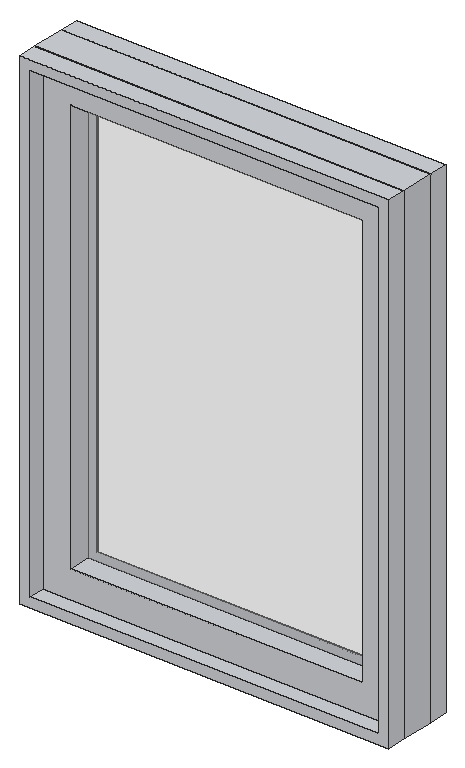
Revit family "G261_Casement_Inswing_Window-Peerless", category Windows, host Wall, Revit 2019
Family settings
  Host = Wall
  OmniClass Number = 23.30.20.00
  OmniClass Title = Windows
  Always vertical = Yes
  Cut with Voids When Loaded = No
  Shared = No
  Room Calculation Point = No
Parameters (values of type "G261 Casement Inswing 36" x 48"")
  Weight (lbs) = (((Height / 1") / 12) + ((Width / 1") / 12)) * 7  # 49
  Warranty URL = "https://smartbim-library-production.s3.amazonaws.com/manufacturers/cdf3d296-4637-4822-8528-4df1e33802a8/products/91469a85-94f5-45f9-a60f-24c51597249b/downloads/7dff4158-d18c-4702-a036-b93493c65adf/Sample%20Warranty.pdf"
  URL = "https://www.peerlessproducts.com/"
  Rough Width = Width + 0.25"  # 36.25"
  Rough Height = Height + 0.25"  # 48.25"
  Product Page URL = "https://peerlessproducts.concora.com/products/88f9e2ed-de46-4249-8f13-bb20ba0dab6d"
  Product Data Sheet URL = "https://www.peerlessproducts.com/Portals/0/PeerlessAssets/pdf/G251-G261Casement.pdf"
  Model = "G261"  # constant formula
  Manufacturer Phone = "620-223-4610"  # constant formula
  Manufacturer Fax = "620-224-3107"  # constant formula
  Manufacturer Email = "slero@peerlessproducts.com"
  Manufacturer Address = "2403 S Main St, Fort Scott, KS 66701"  # constant formula
  Manufacturer = "Peerless Products, Inc"  # constant formula
  Height = 48"
  Frame Finish [instance] = none
  Description = "G261 is a compression sealed casement inswing window used in mid-high rise buildings all over the nation to meet performance requirements."  # constant formula
  Default Sill Height = 36"
  Wall Closure = By host
  Width = 36"
  Analytic Construction = "<None>"
  04 CSI = "08 50 00"  # constant formula
Reference planes (in)
  plane 1 "Center (Front/Back)": y = 0
  plane 2: z = 0
  plane 3 "Center (Left/Right)": x = 0
  plane 4 "Left": x = -18
  plane 5 "Right": x = 18
  plane 6 "Sill": z = 36
  plane 7 "Top": z = 84
Forms (in)
  Sweep 1, solid, material <- "Frame Finish"
    path origin (0, 0, 0) x (1, 0, 0) y (0, 0, 1)
      loop
        line (-18, 84) -> (-18, 36) -> (18, 36) -> (18, 84) -> (-18, 84)
    profile origin (0, 0, 84) x (0, 0, 1) y (0, -1, 0)
      loop
        line (0, -1.66435) -> (0, 1.66435) -> (-0.94478, 1.66435) -> (-0.94478, 1.93993) -> (-3.72603, 1.93993) -> (-3.72603, -0.1551) -> (-2.76917, -0.1551) -> (-2.76917, -1.1551) -> (-3.83257, -1.1551) -> (-3.83257, -1.18592)
        arc (-3.83257, -1.18592) -> (-3.79006, -1.21393) -> (-3.7601, -1.2551) r 0.14255
        line (-3.7601, -1.2551) -> (-3.72611, -1.2551) -> (-3.72611, -1.3801) -> (-2.76917, -1.3801) -> (-2.76917, -1.66435) -> (0, -1.66435)
  Extrusion 2, solid, material "Glass - Cardinal Glass - Peerless Products"
    sketch origin (0, 0, 0) x (1, 0, 0) y (0, 0, 1)
      loop
        line (-15.23083, 81.23083) -> (-15.23083, 38.76917) -> (15.23083, 38.76917) -> (15.23083, 81.23083) -> (-15.23083, 81.23083)
    from -1.1551 to -0.1551
  Sweep 3, solid, material <- "Frame Finish"
    path origin (-17.05522, -1.66435, 83.05522) x (1, 0, 0) y (0, 0, 1)
      loop
        line (35.05522, 0.94478) -> (-0.94478, 0.94478) -> (-0.94478, -47.05522) -> (35.05522, -47.05522) -> (35.05522, 0.94478)
    profile origin (0, -1.66435, 84) x (0, 0, -1) y (0, -1, 0)
      loop
        line (0, 0) -> (0.94478, 0) -> (0.94478, 1.83565) -> (0, 1.83565) -> (0, 0)
  Sweep 4, solid, material <- "Frame Finish"
    path origin (-18, 1.66435, 84) x (1, 0, 0) y (0, 0, -1)
      loop
        line (36, 48) -> (0, 48) -> (0, 0) -> (36, 0) -> (36, 48)
    profile origin (0, 1.66435, 36) x (0, 0, 1) y (0, 1, 0)
      loop
        line (0, 0) -> (0.40208, 0) -> (0.27372, 1.83565) -> (0, 1.83565) -> (0, 0)
Lines and regions (in)
  Opening 1
    outline origin (-60, -3.5, 0) x (1, 0, 0) y (0, 0, 1)
      loop
        line (42, 84) -> (42, 36) -> (78, 36) -> (78, 84) -> (42, 84)
  model lines
    curve 1: line (18, 1.66435, 36) -> (-18, 1.66435, 36)
    curve 2: line (-18, 1.66435, 36) -> (-18, 1.66435, 84)
    curve 3: line (18, 1.66435, 84) -> (18, 1.66435, 36)
    curve 4: line (-18, 1.66435, 84) -> (18, 1.66435, 84)
Text (in)
  text "EXTERIOR" at (-58.6888, 50.90694, 0), in view "Ref. Level"
  text "INTERIOR" at (-58.6888, -37.76638, 0), in view "Ref. Level"
  text "Exterior" at (0, 43.65631, 123.19604), in view "Left"
  text "Exterior" at (0, 18.29385, 125.04747), in view "Right"
Dimensions and locks (in)
  equal spacing: plane 4 "Left", plane 3 "Center (Left/Right)", plane 5 "Right"
  "Width": plane 4 "Left" to plane 5 "Right"
  "Height": plane 6 "Sill" to plane 7 "Top"
  "Default Sill Height": plane 2 to plane 6 "Sill"
  aligned and locked: plane 7 "Top" to Opening 1 sketch curve
  aligned and locked: plane 6 "Sill" to Opening 1 sketch curve  (x2)
  aligned and locked: plane 5 "Right" to Opening 1 sketch curve
  aligned and locked: plane 4 "Left" to Opening 1 sketch curve
  aligned and locked: level to plane 2
  aligned and locked: Extrusion 2 to Sweep 1  (x2)
  aligned and locked: import instance to plane 7 "Top"
  aligned and locked: host wall to Sweep 3 sketch curve
  aligned and locked: Sweep 3 sketch curve to Sweep 1
  aligned and locked: Sweep 4 sketch curve to host wall
Automatic sketch dimensions
  plane 5 "Right" to Sweep 1 sketch curve = 0"
  Sweep 1 sketch curve to plane 6 "Sill" = 0"
  Sweep 1 sketch curve to plane 7 "Top" = 0"
  plane 4 "Left" to Sweep 1 sketch curve = 0"
  profile plane to Sweep 1 sketch curve = 0"
  profile plane to Sweep 1 sketch curve = 0.94478"
  profile plane to Sweep 1 sketch curve = 2.76917"
  Sweep 1 sketch curve to Sweep 1 sketch curve = 0.95693"
  Sweep 1 sketch curve to Sweep 1 sketch curve = 0.03399"
  Sweep 1 sketch curve to Sweep 1 sketch curve = 0.28425"
  Sweep 1 sketch curve to Sweep 1 sketch curve = 0.06306"
  Sweep 1 sketch curve to Sweep 1 sketch curve = 0.125"
  Sweep 1 sketch curve to plane 1 "Center (Front/Back)" = 0.1551"
  plane 1 "Center (Front/Back)" to Sweep 1 sketch curve = 1.66435"
  plane 1 "Center (Front/Back)" to Sweep 1 sketch curve = 1.93993"
  Sweep 1 sketch curve to Sweep 1 sketch curve = 0.95686"
  Sweep 1 sketch curve to Sweep 1 sketch curve = 0.05591"
  Sweep 1 sketch curve to Sweep 1 sketch curve = 0.07248"
  Sweep 1 sketch curve to Sweep 1 sketch curve = 0.03082"
  Sweep 1 sketch curve to Sweep 1 sketch curve = 0"
  Sweep 1 sketch curve to Sweep 1 sketch curve = 1.03082"
  Extrusion 2 sketch curve to plane 4 "Left" = 2.76917"
  plane 7 "Top" to Extrusion 2 sketch curve = 2.76917"
  Extrusion 2 sketch curve to plane 6 "Sill" = 2.76917"
  plane 5 "Right" to Extrusion 2 sketch curve = 2.76917"
  Sweep 3 sketch curve to Sweep 1 = 0"  (x4)
  Sweep 3 sketch curve to profile plane = 0"  (x2)
  curve 1 to Sweep 1 = 0"  (x3)
  curve 2 to Sweep 1 = 0"
  Sweep 4 sketch curve to Sweep 1 = 0"  (x4)
  Sweep 4 sketch curve to profile plane = 0"
  profile plane to Sweep 4 sketch curve = 0"
  Sweep 4 sketch curve to profile plane = 0.27372"
  Sweep 4 sketch curve to Sweep 4 sketch curve = 0.12836"
